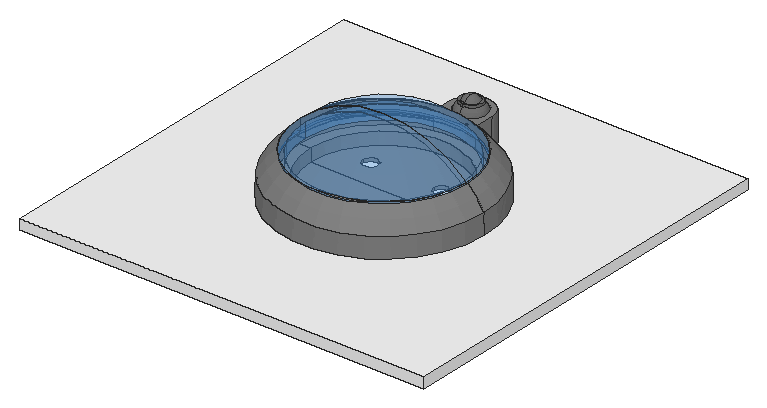
Revit family "BE_24149_de_DE", category Leuchten, Revit 2020
Family settings
  Basisbauteil = Fläche
  Bemaßung runder Anschluss = Durchmesser verwenden
  Teiletyp = Normal
  Beim Laden mit Abzugskörper schneiden = Ja
  Lichtquelle = Ja
  Gemeinsam genutzt = Nein
  Raumberechnungspunkt = Ja
Parameters (values of type "BEGA_24149_Grafit_K3")
  built-in parameter 1150104 = 15.394 (stored number, unit not read)
  Wattage = 7 W
  Default Elevation = 0 mm
  built-in parameter 1150113 = 1 (stored number, unit not read)
  built-in parameter 1114218 = 1 (stored number, unit not read)
  Umgebungstemperatur = "25 °C"
  URL = "https://www.bega.com/de/produkt/24149"
  Typenkommentare = "© 2022 BEGA. Wir behalten uns das Recht vor, technische Änderungen ohne vorherige Ankündigung vorzunehmen."  # constant formula
  Type Image = 24149.png
  built-in parameter 1150134 = (empty or 0)
  built-in parameter 1150109 = 1 (stored number, unit not read)
  Strom = ""
  built-in parameter 1150110 = 1 (stored number, unit not read)
  Spannung = 239.996 V
  Sonderanfertigung = no
  Seriennummer [instance] = "Hier können Sie die eindeutige Seriennummer für das Facility Management eintragen."
  Schutzklasse = "I"
  Schutzart = "IP 65"
  Scheinlast = 0 VA
  Produktdatenblatt = "https://cdn.bega.com/bega/products/24149K4/current/documents/data-sheets/de"
  Oberflächentemperatur = ""
  Neigungswinkel = 0.00°
  Modell = "24149K3"
  Material_18 = BEGA_Gummi_schwarz
  Material_17 = BEGA_Reflektor
  Material_15 = BEGA_Leuchtmedium_matt
  Material_11 = BEGA_Glas_opal
  Material_09 = BEGA_Glas_klar
  Material_06 = BEGA_Oberfläche_Edelstahl_gebürstet
  Material_03 = BEGA_Oberfläche_Weiss_matt
  Material_02 = BEGA_Oberfläche_Silber_matt
  Material_01 [instance] = BEGA_Oberfläche_Grafit_matt
  M_W = no
  M_G = yes
  M_A = no
  Logo = 0
  built-in parameter 1114217 = 1 (stored number, unit not read)
  built-in parameter 1150139 = (empty or 0)
  built-in parameter 1150105 = 92.302 (stored number, unit not read)
  built-in parameter 1150114 = 1 (stored number, unit not read)
  Lumens = 1159.9 lm
  built-in parameter 1150115 = 1 (stored number, unit not read)
  Leuchtenlichtstrom = "838 lm"
  Leuchtenanzahl = ""
  Lebensdauerkriterien = "L70B50 @ 25 °C = 165000 h"
  Lastklassifizierung = Beleuchtung
  built-in parameter 1150112 = 1 (stored number, unit not read)
  Lampenlichtstrom = "1100 lm"
  Lampe = "LED 6.5 W"
  LED_Modulbezeichnung = "LED-1182/830"
  built-in parameter 1150142 = (empty or 0)
  Hersteller = "BEGA"  # constant formula
  Halbstreuwinkel = ""
  Gewicht = "1.55 kg"
  Gebrauchslageneinschränkung [instance] = ""
  Frequenz = "0/50-60 Hz"
  Farbwiedergabeindex = "CRI > 80"
  Farbtemperaturverschiebung bei Dämpfen der Lampe = <Keine Auswahl>
  Farbtemperatur = "3000 K"
  Color Filter = 16777215
  built-in parameter 1150133 = 10 (stored number, unit not read)
  Energieeffizienzklasse = "LED A++ - A"
  built-in parameter 1150137 = (empty or 0)
  built-in parameter 1150132 = (empty or 0)
  ENEC = ""
  Datei für fotometrisches Netz = "BE_24149K3.IES"
  CE_Konformität = "ja"
  Bestellnummer = "24149K3"
  Beschreibung_Sonderanfertigung = "Hier können Sie Informationen zur Sonderanfertigung eintragen."
  Beschreibung = "Wandleuchte mit PIR-Bewegungs- und Lichtsensor"
  built-in parameter 1150106 = 0.92302 (stored number, unit not read)
  Befestigungsbohrung = "Ø 4,5 mm"
  Befestigungsabstand = "178 mm"
  Ballwurfsicher = ""
  BEGA_Intern_aus = yes
  BEGA_Intern_an = yes
  BEGA_Intern_Konstruktion = yes
  BEGA_Intern = yes
  BEGA_IES = yes
  BEGA_Dummy = no
  Anschlussleitung = ""
  Anschlussleistung [instance] = "9 W"
  built-in parameter 1150107 = 3000 (stored number, unit not read)
  built-in parameter 1150102 = (empty or 0)
  built-in parameter 1150138 = (empty or 0)
  Aktualisierung = "2022-05-18T04:00:07"
  Abstand_zur_angestrahlten_Fläche [instance] = ""
  AC/DC = "AC/DC"
Types (4, lengths in mm): name | built-in parameter 1150104 | built-in parameter 1150134 | Modell | M_G | M_A | built-in parameter 1150105 | Lumens | Leuchtenlichtstrom | Lampenlichtstrom | LED_Modulbezeichnung | Farbtemperatur | Datei für fotometrisches Netz | Bestellnummer | built-in parameter 1150106 | built-in parameter 1150107
  BEGA_24149_Silber_K3 | 15.394 (stored number, unit not read) | (empty or 0) | "24149AK3" | no | yes | 92.302 (stored number, unit not read) | 1159.9 lm | "838 lm" | "1100 lm" | "LED-1182/830" | "3000 K" | "BE_24149K3.IES" | "24149AK3" | 0.92302 (stored number, unit not read) | 3000 (stored number, unit not read)
  BEGA_24149_Silber_K4 | 16.193 (stored number, unit not read) | 12 | "24149AK4" | no | yes | 97.092 (stored number, unit not read) | 1220.1 lm | "881 lm" | "1155 lm" | "LED-1182/840" | "4000 K" | "BE_24149K4.IES" | "24149AK4" | 0.97092 (stored number, unit not read) | 4000 (stored number, unit not read)
  BEGA_24149_Grafit_K3 | 15.394 (stored number, unit not read) | (empty or 0) | "24149K3" | yes | no | 92.302 (stored number, unit not read) | 1159.9 lm | "838 lm" | "1100 lm" | "LED-1182/830" | "3000 K" | "BE_24149K3.IES" | "24149K3" | 0.92302 (stored number, unit not read) | 3000 (stored number, unit not read)
  BEGA_24149_Grafit_K4 | 16.193 (stored number, unit not read) | 12 | "24149K4" | yes | no | 97.092 (stored number, unit not read) | 1220.1 lm | "881 lm" | "1155 lm" | "LED-1182/840" | "4000 K" | "BE_24149K4.IES" | "24149K4" | 0.97092 (stored number, unit not read) | 4000 (stored number, unit not read)
Reference planes
  plane 1 "Mitte (Vorne/Hinten)": y = 0
  plane 2: z = 0
  plane 3 "Mitte (Links/Rechts)": x = 0
  plane 4 "Links": x = -100
  plane 5 "Rechts": x = 100
  plane 6 "Unten": y = -100
  plane 7 "Oben": y = 128.279
  plane 8 "Vorne": z = 75.099
  plane 9 "Hinten": z = 0
Forms (mm)
  Extrusion 1, solid, material "BEGA_Platte_Weiss"
    sketch origin (0, -1119.2, 0) x (1, 0, 0) y (0, 1, 0)
      loop
        line (-200, 1319.2) -> (-200, 919.2) -> (200, 919.2) -> (200, 1319.2) -> (-200, 1319.2)
    from 0 to -10
  Extrusion 2, solid, material "BEGA_Dummy_matt", visible <- "BEGA_Dummy"
    sketch origin (77.149, -76.023, 0) x (1, 0, 0) y (0, 1, 0)
      loop
        circle (-77.149, 76.023) r 128.279
    from 0 to 75.099
Dimensions and locks
  plane 1 "Mitte (Vorne/Hinten)" to Extrusion 1 = 200 mm
  aligned and locked: plane 2 to Extrusion 1
  aligned and locked: level to Extrusion 1
Nested families
  nested 1: "BE_24149" at (0, 0, 0), type "BE_24149"
Connectors
  electrical at (0, 0, 0), driven by "Lastklassifizierung", driven by "Spannung", driven by "Scheinlast"
    settings: index 1, voltage 239.996 V, apparent load 0 VA, apparent load phase1 0 VA, apparent load phase2 0 VA, apparent load phase3 0 VA, power factor 1, load classification "Beleuchtung", number of poles 1, system type 31, power factor state 1, is connector primary yes, connector utility no, sub classification motor no, connector description ""
Definition of nested family "BE_24149"
  Parameters (values of type "BE_24149")
    Default Elevation = 1 mm
    URL = "http://www.bega.de/de/produkt"
    Type Comments = "© 2015 BEGA. Wir behalten uns das Recht vor, technische Änderungen ohne vorherige Ankündigung vorzunehmen. "  # constant formula
    Type Image = (empty or 0)
    Neigungswinkel_um_Z2 = 0.00°
    Neigungswinkel_um_Z1 = 0.00°
    Neigungswinkel_um_Y2 = 0.00°
    Neigungswinkel_um_Y1 = 0.00°
    Neigungswinkel_um_X2 = 0.00°
    Neigungswinkel_um_X1 = 0.00°
    Material_18 = none
    Material_17 = none
    Material_15 = none
    Material_11 = none
    Material_10 = none
    Material_09 = none
    Material_06 = none
    Material_02 = none
    Material_01 = none
    M_W = yes
    M_G = yes
    M_A = yes
    Länge_Platte = 200 mm  # constant formula
    Höhe_Platte = -10 mm  # constant formula
    Manufacturer = "BEGA"  # constant formula
    Drehwinkel_um_Z2 = 0.00°
    Drehwinkel_um_Z1 = 0.00°
    Breite_Platte = 200 mm  # constant formula
  Reference planes
    plane 1 "Mitte (Oben/Unten)": y = 0
    plane 2: z = 0
    plane 3 "Mitte (Links/Rechts)": x = 0
    plane 4 "Vorne": z = 75.099
    plane 5 "Hinten": z = 0
    plane 6: x = 100
    plane 7: x = -100
    plane 8: y = -100
    plane 9: y = 128.279
  Forms (mm)
    Extrusion 1, solid, detail levels medium
      sketch origin (0, 0, 0) x (1, 0, 0) y (0, 1, 0)
        loop
          line (-100, 100) -> (-100, -100) -> (100, -100) -> (100, 100) -> (-100, 100)
      from 0 to -10 <- "Höhe_Platte"
    Revolve 2, solid, material <- "Material_01", visible <- "M_G"
      sketch origin (0, 0, 0) x (1, 0, 0) y (0, 0, 1)
        loop
          line (-100, 2.7) -> (-97.4, 2.7) -> (-96.75, 21.323)
          arc (-96.75, 21.323) -> (-92.487, 27.148) -> (-87.874, 32.7) r 117.3
          line (-87.874, 32.7) -> (-83, 32.7) -> (-82.676, 41.974)
          arc (-82.676, 41.974) -> (-91.522, 32.612) -> (-99.314, 22.355) r 120
          line (-99.314, 22.355) -> (-100, 2.7)
        axis (0, 41.974) -> (0, 2.7)
      angle from 0 to 360
    Revolve 3, solid, material <- "Material_10"
      sketch origin (0, 0, 0) x (1, 0, 0) y (0, 0, 1)
        loop
          arc (0, 75.2) -> (-44.082, 66.81) -> (-82, 42.813) r 120
          line (-82, 42.813) -> (-82, 30.7) -> (-85.8, 30.7) -> (-85.8, 25.7) -> (-77, 25.7) -> (-77, 40.616)
          arc (-77, 40.616) -> (-41.244, 62.549) -> (0, 70.2) r 114.999
          line (0, 70.2) -> (0, 75.2)
        axis (0, 75.2) -> (0, 25.7)
      angle from 0 to 360
    Revolve 4, solid, material <- "Material_01"
      sketch origin (0, 0, 0) x (1, 0, 0) y (0, 0, 1)
        loop
          line (-83, 19.2) -> (-83.67, 0) -> (-80, 0) -> (-79.633, 10.5) -> (-75.2, 10.5) -> (-74.99, 4.5) -> (0, 4.5) -> (0, 7.2) -> (-72.081, 7.2) -> (-72.5, 19.2) -> (-83, 19.2)
        axis (0, 19.2) -> (0, 0)
      angle from 0 to 360
    Extrusion 5, solid, material <- "Material_01"
      sketch origin (0, 0, 0) x (1, 0, 0) y (0, 1, 0)
        loop
          arc (-93.537, 16.606) -> (-95, 0) -> (-93.537, -16.606) r 95
          line (-93.537, -16.606) -> (-80.832, -18.847)
          arc (-80.832, -18.847) -> (-83, 0) -> (-80.832, 18.847) r 83
          line (-80.832, 18.847) -> (-93.537, 16.606)
        loop
          arc (-91.689, 10.251) -> (-92.261, 0) -> (-91.689, -10.251) r 92.261
          arc (-91.689, -10.251) -> (-89.205, -12.248) -> (-87.193, -9.776) r 2.261
          arc (-87.193, -9.776) -> (-87.739, -0.013) -> (-87.196, 9.75) r 87.739
          arc (-87.196, 9.75) -> (-89.191, 12.247) -> (-91.689, 10.251) r 2.261
        loop
          line (93.537, 16.606) -> (80.832, 18.847)
          arc (80.832, 18.847) -> (83, 0) -> (80.832, -18.847) r 83
          line (80.832, -18.847) -> (93.537, -16.606)
          arc (93.537, -16.606) -> (95, 0) -> (93.537, 16.606) r 95
        loop
          arc (91.689, 10.251) -> (89.191, 12.247) -> (87.196, 9.75) r 2.261
          arc (87.196, 9.75) -> (87.739, -0.013) -> (87.193, -9.776) r 87.739
          arc (87.193, -9.776) -> (89.205, -12.248) -> (91.689, -10.251) r 2.261
          arc (91.689, -10.251) -> (92.261, 0) -> (91.689, 10.251) r 92.261
      from 0 to 3.203
    Extrusion 6, void
      sketch origin (0, 0, 0) x (1, 0, 0) y (0, 1, 0)
        loop
          circle (-35.173, 27.774) r 7.454
        loop
          circle (35.173, 27.774) r 7.454
      from 0 to 10.5
    Revolve 7, solid, material <- "Material_02", visible <- "M_A"
      sketch origin (0, 0, 0) x (1, 0, 0) y (0, 0, 1)
        loop
          line (-100, 2.7) -> (-97.4, 2.7) -> (-96.75, 21.323)
          arc (-96.75, 21.323) -> (-92.487, 27.148) -> (-87.874, 32.7) r 117.3
          line (-87.874, 32.7) -> (-83, 32.7) -> (-82.676, 41.974)
          arc (-82.676, 41.974) -> (-91.522, 32.612) -> (-99.314, 22.355) r 120
          line (-99.314, 22.355) -> (-100, 2.7)
        axis (0, 41.974) -> (0, 2.7)
      angle from 0 to 360
    Extrusion 8, void
      sketch origin (0, 0, 0) x (1, 0, 0) y (0, 1, 0)
        loop
          line (-20.5, 107.779) -> (-20.5, 87.634)
          arc (-20.5, 87.634) -> (0, 90) -> (20.5, 87.634) r 90
          line (20.5, 87.634) -> (20.5, 107.779)
          arc (20.5, 107.779) -> (0, 128.279) -> (-20.5, 107.779) r 20.5
      from 0 to 250
    Extrusion 9, solid, material <- "Material_01", visible <- "M_G"
      sketch origin (0, 0, 0) x (1, 0, 0) y (0, 1, 0)
        loop
          arc (20.5, 107.779) -> (0, 128.279) -> (-20.5, 107.779) r 20.5
          line (-20.5, 107.779) -> (-20.5, 87.634)
          arc (-20.5, 87.634) -> (0, 89.985) -> (20.5, 87.634) r 90.574
          line (20.5, 87.634) -> (20.5, 107.779)
        loop
          circle (0, 107.779) r 15.1
      from 3 to 32
    Revolve 10, solid, material <- "Material_18"
      sketch origin (0, 0, 0) x (0, 1, 0) y (0, 0, 1)
        loop
          line (93.206, 30.475) -> (93.004, 28.362) -> (107.779, 27.197) -> (108.402, 45.014)
          arc (108.402, 45.014) -> (103.864, 43.944) -> (100.424, 40.796) r 9.251
          line (100.424, 40.796) -> (97.815, 40.796) -> (97.704, 38.908)
          arc (97.704, 38.908) -> (94.765, 35.06) -> (93.206, 30.475) r 15
        axis (108.402, 45.014) -> (107.779, 27.197)
      angle from 0 to 360
    Extrusion 11, solid, material <- "Material_02", visible <- "M_A"
      sketch origin (0, 0, 0) x (1, 0, 0) y (0, 1, 0)
        loop
          arc (20.5, 107.779) -> (0, 128.279) -> (-20.5, 107.779) r 20.5
          line (-20.5, 107.779) -> (-20.5, 87.634)
          arc (-20.5, 87.634) -> (0, 89.985) -> (20.5, 87.634) r 90.574
          line (20.5, 87.634) -> (20.5, 107.779)
        loop
          circle (0, 107.779) r 15.1
      from 3 to 32
  Cuts and joins
    Extrusion 6 cuts Revolve 4
    Extrusion 6 cuts Extrusion 5
    joined: Revolve 4, Extrusion 5
    Extrusion 6 cuts Revolve 3
    Extrusion 8 cuts Revolve 2
    Extrusion 8 cuts Revolve 7
  Dimensions and locks
    equal spacing: Extrusion 1 sketch curve, plane 3 "Mitte (Links/Rechts)", Extrusion 1 sketch curve
    equal spacing: Extrusion 1 sketch curve, plane 1 "Mitte (Oben/Unten)", Extrusion 1 sketch curve
    "Länge_Platte": Extrusion 1 sketch curve to Extrusion 1 sketch curve
    "Breite_Platte": Extrusion 1 sketch curve to Extrusion 1 sketch curve
    aligned and locked: plane 2 to Extrusion 1
    aligned and locked: level to Extrusion 1
  Automatic sketch dimensions
    level to Revolve 2 sketch curve = 22.355 mm
    plane 3 "Mitte (Links/Rechts)" to Revolve 2 sketch curve = 0 mm  (x2)
    level to Revolve 2 sketch curve = 2.7 mm
    Revolve 2 sketch curve to Revolve 2 sketch curve = 0.686 mm
    Revolve 2 sketch curve to Revolve 2 sketch curve = 16.637 mm
    level to Revolve 2 sketch curve = 21.323 mm
    Revolve 2 sketch curve to Revolve 2 sketch curve = 2.564 mm
    Revolve 2 sketch curve to Revolve 2 sketch curve = 0 mm
    Revolve 2 sketch curve to Revolve 2 sketch curve = 2.6 mm
    Revolve 2 sketch curve to Revolve 2 sketch curve = 5.198 mm
    level to Revolve 2 sketch curve = 32.7 mm
    Revolve 2 sketch curve to Revolve 2 sketch curve = 4.874 mm
    level to Revolve 2 sketch curve = 41.974 mm
    Revolve 3 sketch curve to plane 3 "Mitte (Links/Rechts)" = 0 mm  (x2)
    plane 3 "Mitte (Links/Rechts)" to Revolve 3 sketch curve = 0 mm
    Revolve 3 sketch curve to level = 44.8 mm
    Revolve 3 sketch curve to Revolve 3 sketch curve = 0 mm
    level to Revolve 3 sketch curve = 40.616 mm
    Revolve 3 sketch curve to Revolve 3 sketch curve = 5 mm  (x2)
    level to Revolve 3 sketch curve = 70.2 mm
    Revolve 3 sketch curve to Revolve 3 sketch curve = 14.916 mm
    Revolve 3 sketch curve to Revolve 3 sketch curve = 2.197 mm
    Revolve 3 sketch curve to Revolve 3 sketch curve = 3.8 mm
    Revolve 4 sketch curve to plane 3 "Mitte (Links/Rechts)" = 0 mm  (x2)
    Revolve 4 sketch curve to Revolve 4 sketch curve = 0.67 mm
    level to Revolve 4 sketch curve = 0 mm
    Revolve 4 sketch curve to Revolve 4 sketch curve = 3.67 mm
    Revolve 4 sketch curve to Revolve 4 sketch curve = 4.037 mm
    Revolve 4 sketch curve to Revolve 4 sketch curve = 4.433 mm
    level to Revolve 4 sketch curve = 10.5 mm
    Revolve 4 sketch curve to Revolve 4 sketch curve = 0.21 mm
    Revolve 4 sketch curve to Revolve 4 sketch curve = 10.5 mm
    level to Revolve 4 sketch curve = 19.2 mm
    level to Revolve 4 sketch curve = 7.2 mm
    Revolve 4 sketch curve to Revolve 4 sketch curve = 3.119 mm
    Revolve 4 sketch curve to Revolve 4 sketch curve = 72.081 mm
    level to Revolve 4 sketch curve = 4.5 mm
    Revolve 4 sketch curve to plane 5 "Hinten" = 174.158 mm
    plane 4 "Vorne" to Revolve 4 sketch curve = 208.432 mm
    Extrusion 5 sketch curve to Extrusion 5 sketch curve = 0 mm  (x39)
    plane 1 "Mitte (Oben/Unten)" to Extrusion 5 sketch curve = 0 mm
    Extrusion 5 sketch curve to plane 3 "Mitte (Links/Rechts)" = 0 mm  (x2)
    Extrusion 5 sketch curve to plane 1 "Mitte (Oben/Unten)" = 18.847 mm  (x2)
    Extrusion 5 sketch curve to plane 3 "Mitte (Links/Rechts)" = 80.832 mm
    plane 1 "Mitte (Oben/Unten)" to Extrusion 5 sketch curve = 18.847 mm  (x2)
    Extrusion 5 sketch curve to Extrusion 5 sketch curve = 8.611 mm  (x4)
    plane 1 "Mitte (Oben/Unten)" to Extrusion 5 sketch curve = 16.606 mm  (x2)
    Extrusion 5 sketch curve to Extrusion 5 sketch curve = 4.095 mm  (x2)
    Extrusion 5 sketch curve to plane 1 "Mitte (Oben/Unten)" = 16.606 mm  (x2)
    plane 3 "Mitte (Links/Rechts)" to Extrusion 5 sketch curve = 0 mm
    plane 3 "Mitte (Links/Rechts)" to Extrusion 5 sketch curve = 80.832 mm
    Extrusion 5 sketch curve to Extrusion 5 sketch curve = 6.606 mm  (x4)
    plane 1 "Mitte (Oben/Unten)" to Extrusion 5 sketch curve = 0.001 mm
    Extrusion 5 sketch curve to Extrusion 5 sketch curve = 2.249 mm  (x2)
    Extrusion 5 sketch curve to Extrusion 5 sketch curve = 2.247 mm  (x6)
    Extrusion 6 sketch curve to plane 3 "Mitte (Links/Rechts)" = 35.173 mm
    plane 3 "Mitte (Links/Rechts)" to Extrusion 6 sketch curve = 35.173 mm
    Extrusion 6 sketch curve to plane 1 "Mitte (Oben/Unten)" = 27.774 mm  (x2)
    Revolve 7 sketch curve to plane 3 "Mitte (Links/Rechts)" = 0 mm
    Revolve 7 sketch curve to plane 3 "Mitte (Links/Rechts)" = 82.676 mm
    level to Revolve 7 sketch curve = 32.7 mm
    Revolve 7 sketch curve to Revolve 7 sketch curve = 0.324 mm
    Revolve 7 sketch curve to Revolve 7 sketch curve = 4.874 mm
    level to Revolve 7 sketch curve = 21.323 mm
    Revolve 7 sketch curve to Revolve 7 sketch curve = 8.875 mm
    level to Revolve 7 sketch curve = 2.7 mm
    Revolve 7 sketch curve to Revolve 7 sketch curve = 0.65 mm
    level to Revolve 7 sketch curve = 22.355 mm
    Revolve 7 sketch curve to Revolve 7 sketch curve = 2.564 mm
    Revolve 7 sketch curve to Revolve 7 sketch curve = 2.6 mm
    plane 3 "Mitte (Links/Rechts)" to Revolve 7 sketch curve = 0 mm  (x2)
    Revolve 7 sketch curve to Revolve 7 sketch curve = 0 mm
    Revolve 7 sketch curve to plane 5 "Hinten" = 174.158 mm
    plane 4 "Vorne" to Revolve 7 sketch curve = 208.432 mm
    plane 1 "Mitte (Oben/Unten)" to Extrusion 8 sketch curve = 0 mm
    Extrusion 8 sketch curve to plane 3 "Mitte (Links/Rechts)" = 0 mm  (x2)
    Extrusion 8 sketch curve to Extrusion 8 sketch curve = 20.5 mm
    Extrusion 8 sketch curve to Extrusion 8 sketch curve = 0 mm
    Extrusion 9 sketch curve to Extrusion 9 sketch curve = 0 mm  (x3)
    Extrusion 9 sketch curve to plane 3 "Mitte (Links/Rechts)" = 0 mm  (x2)
    Extrusion 9 sketch curve to Extrusion 9 sketch curve = 20.5 mm
    plane 1 "Mitte (Oben/Unten)" to Extrusion 9 sketch curve = 0.589 mm
    Revolve 10 sketch curve to Revolve 10 sketch curve = 0.201 mm
    Revolve 10 sketch curve to Revolve 10 sketch curve = 0.112 mm
    Revolve 10 sketch curve to Revolve 10 sketch curve = 0.221 mm
    Revolve 10 sketch curve to Revolve 10 sketch curve = 0.188 mm
    level to Revolve 10 sketch curve = 27.197 mm
    Revolve 10 sketch curve to Revolve 10 sketch curve = 0.803 mm
    Revolve 10 sketch curve to Revolve 10 sketch curve = 1.166 mm
    Revolve 10 sketch curve to Revolve 10 sketch curve = 2.113 mm
    Revolve 10 sketch curve to Revolve 10 sketch curve = 7.766 mm
    Revolve 10 sketch curve to Revolve 10 sketch curve = 1.888 mm
    Revolve 10 sketch curve to Revolve 10 sketch curve = 0 mm  (x4)
    Extrusion 11 sketch curve to Extrusion 11 sketch curve = 0 mm  (x3)
    Extrusion 11 sketch curve to plane 3 "Mitte (Links/Rechts)" = 0 mm  (x2)
    Extrusion 11 sketch curve to plane 3 "Mitte (Links/Rechts)" = 20.5 mm
    plane 1 "Mitte (Oben/Unten)" to Extrusion 11 sketch curve = 0.589 mm
    Extrusion 8 sketch curve to plane 1 "Mitte (Oben/Unten)" = 87.634 mm
    Extrusion 8 sketch curve to Extrusion 8 sketch curve = 20.145 mm
    Extrusion 9 sketch curve to plane 1 "Mitte (Oben/Unten)" = 87.634 mm
    Extrusion 9 sketch curve to Extrusion 9 sketch curve = 20.145 mm
    Revolve 10 sketch curve to plane 1 "Mitte (Oben/Unten)" = 93.004 mm
    Revolve 10 sketch curve to plane 4 "Vorne" = 36.191 mm
    Revolve 10 sketch curve to Revolve 10 sketch curve = 4.498 mm
    Revolve 10 sketch curve to Revolve 10 sketch curve = 2.609 mm
    Revolve 10 sketch curve to plane 4 "Vorne" = 30.085 mm
    Extrusion 11 sketch curve to plane 1 "Mitte (Oben/Unten)" = 87.634 mm
    Extrusion 11 sketch curve to Extrusion 11 sketch curve = 20.145 mm
    radius of Extrusion 6 sketch curve = 7.454 mm  (x2)
    radius of Extrusion 9 sketch curve = 15.1 mm
    radius of Extrusion 11 sketch curve = 15.1 mm
